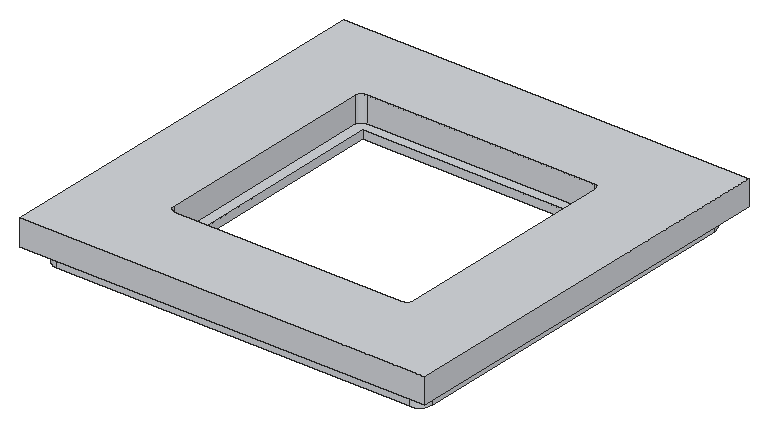
Revit family "Gira_021105", category Electrical Fixtures, host Face, Revit 2017
Family settings
  Host = Face
  Maintain Annotation Orientation = No
  Round Connector Dimension = Use Diameter
  Part Type = Normal
  Cut with Voids When Loaded = No
  Shared = No
  Room Calculation Point = No
Parameters (values of type "Cov.fr. 1-g Gira Esprit black gl.")
  With mounting grid = "No"
  With hinged lid = "No"
  URL = "http://katalog.gira.de/en/datenblatt.html?artikelnr=021105"
  Type of fastening = "Clamp mounting"
  Transparent = "No"
  Surface protection = "Other"
  Suitable for wall duct = "No"
  Suitable for flush-mounted installation = "Yes"
  Suitable for floor box = "No"
  Suitable for built-in installation = "No"
  Number of units vertical = "1"
  Number of units horizontal = "1"
  Number of units = "1"
  Name = "Cov.fr. 1-g Gira Esprit black gl."
  Mounting direction = "Horizontal and vertical"
  Material quality = "Thermoplastic"
  Material = "Glass"
  Manufacturer URL = "https://www.gira.de/"
  Manufacturer = "Gira"
  Label space/information surface = "No"
  Keynote = ""
  HeinzeBIM = "https://bimportal.heinze.de/bim/cov-fr-1-g-gira-esprit-black-gl-/378c4298fa45e71f4b46366468d6e042531b7b82"
  Halogen free = "No"
  HAN = "021105"
  GTIN = "4010337211051"
  Description = "Cov.fr.1g Espr. GBk,Gira Esprit cover frame,black glass,1-gang,"
  Degree of protection (IP) = "IP20"
  Default Elevation = 1219.2 mm
  Data sheet (1) = "https://katalog.gira.de/en/download.html?artikelnr=021105"
  Colour = "Black"
  Category = "Cover frame for domestic switching devices"
  BIM (1) = "https://media.stage.bim.site/public/gira/36a6b08/Espr._Rahmen_1fach.rfa"
  Available = "No"
Reference planes
  plane 1 "Center (Front/Back)": y = 0
  plane 2: z = 0
  plane 3 "Center (Left/Right)": x = 0
Forms (mm)
  Extrusion 1, solid, detail levels fine
    sketch origin (0, 0, 0) x (1, 0, 0) y (0, 1, 0)
      loop
        line (-47.5, 47.5) -> (-47.5, -47.5) -> (47.5, -47.5) -> (47.5, 47.5) -> (-47.5, 47.5)
      loop
        arc (-28.2, -26.7) -> (-27.761, -27.761) -> (-26.7, -28.2) r 1.5
        line (-26.7, -28.2) -> (26.7, -28.2)
        arc (26.7, -28.2) -> (27.761, -27.761) -> (28.2, -26.7) r 1.5
        line (28.2, -26.7) -> (28.2, 26.7)
        arc (28.2, 26.7) -> (27.761, 27.761) -> (26.7, 28.2) r 1.5
        line (26.7, 28.2) -> (-26.7, 28.2)
        arc (-26.7, 28.2) -> (-27.761, 27.761) -> (-28.2, 26.7) r 1.5
        line (-28.2, 26.7) -> (-28.2, -26.7)
    from 0 to 6
  Extrusion 2, solid, detail levels fine
    sketch origin (0, 0, 0) x (1, 0, 0) y (0, 1, 0)
      loop
        line (-25.7, -25.7) -> (25.7, -25.7) -> (25.7, 25.7) -> (-25.7, 25.7) -> (-25.7, -25.7)
      loop
        arc (-43.1, -41.3) -> (-42.573, -42.573) -> (-41.3, -43.1) r 1.8
        line (-41.3, -43.1) -> (41.3, -43.1)
        arc (41.3, -43.1) -> (42.573, -42.573) -> (43.1, -41.3) r 1.8
        line (43.1, -41.3) -> (43.1, 41.3)
        arc (43.1, 41.3) -> (42.573, 42.573) -> (41.3, 43.1) r 1.8
        line (41.3, 43.1) -> (-41.3, 43.1)
        arc (-41.3, 43.1) -> (-42.573, 42.573) -> (-43.1, 41.3) r 1.8
        line (-43.1, 41.3) -> (-43.1, -41.3)
    from -1.9 to 0
  Extrusion 3, solid, detail levels fine
    sketch origin (0, 0, 0) x (1, 0, 0) y (0, 1, 0)
      loop
        arc (-41.4, 44.4) -> (-43.521, 43.521) -> (-44.4, 41.4) r 3
        line (-44.4, 41.4) -> (-44.4, -41.4)
        arc (-44.4, -41.4) -> (-43.521, -43.521) -> (-41.4, -44.4) r 3
        line (-41.4, -44.4) -> (41.4, -44.4)
        arc (41.4, -44.4) -> (43.521, -43.521) -> (44.4, -41.4) r 3
        line (44.4, -41.4) -> (44.4, 41.4)
        arc (44.4, 41.4) -> (43.521, 43.521) -> (41.4, 44.4) r 3
        line (41.4, 44.4) -> (-41.4, 44.4)
      loop
        line (-43.1, 41.3) -> (-43.1, -41.3)
        arc (-43.1, -41.3) -> (-42.573, -42.573) -> (-41.3, -43.1) r 1.8
        line (-41.3, -43.1) -> (41.3, -43.1)
        arc (41.3, -43.1) -> (42.573, -42.573) -> (43.1, -41.3) r 1.8
        line (43.1, -41.3) -> (43.1, 41.3)
        arc (43.1, 41.3) -> (42.573, 42.573) -> (41.3, 43.1) r 1.8
        line (41.3, 43.1) -> (-41.3, 43.1)
        arc (-41.3, 43.1) -> (-42.573, 42.573) -> (-43.1, 41.3) r 1.8
    from -3.7 to 0
  Extrusion 4, solid, detail levels medium
    sketch origin (0, 0, 0) x (1, 0, 0) y (0, 1, 0)
      loop
        line (-47.5, 47.5) -> (-47.5, -47.5) -> (47.5, -47.5) -> (47.5, 47.5) -> (-47.5, 47.5)
    from 0 to 6
  Extrusion 5, solid, detail levels medium
    sketch origin (0, 0, 0) x (1, 0, 0) y (0, 1, 0)
      loop
        line (-44.4, 44.4) -> (-44.4, -44.4) -> (44.4, -44.4) -> (44.4, 44.4) -> (-44.4, 44.4)
    from -3.7 to 0
  Extrusion 6, solid, detail levels coarse
    sketch origin (0, 0, 0) x (1, 0, 0) y (0, 1, 0)
      loop
        line (-47.5, 47.5) -> (-47.5, -47.5) -> (47.5, -47.5) -> (47.5, 47.5) -> (-47.5, 47.5)
    from -3.7 to 6
Dimensions and locks
  aligned and locked: plane 2 to host face
  aligned and locked: level to host face
